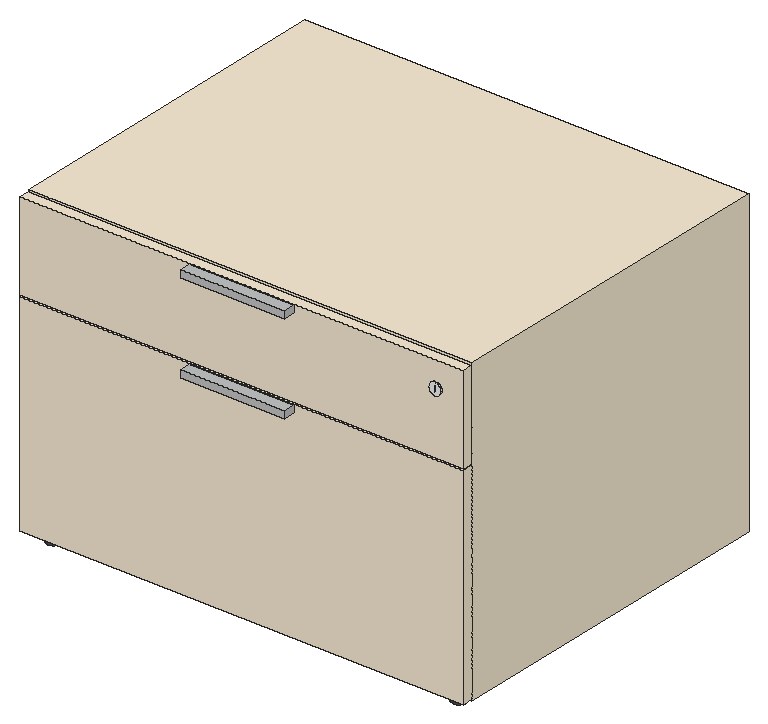
Revit family "Storage-Freestanding-Teknion-BSMPS_Mid_Height_Stretch_Pedestal-R2018", category Furniture, Revit 2018
Family settings
  OmniClass Number = 23.40.20.00
  OmniClass Title = General Furniture and Specialties
  Work Plane-Based = No
  Always vertical = Yes
  Cut with Voids When Loaded = No
  Shared = Yes
  Room Calculation Point = No
Parameters (values of type "30" Width")
  Width = 29.850"
  Warranty = "http://www.teknion.com/ca/papers/legal-canada"
  Unit Weight URL = "http://www.teknion.com/ca/tools/assets#&asset=bee6a381-b954-425e-8283-5a2de3a804f2,f828d448-4b62-4231-9e5f-9a8991c0ed77"
  URL = "www.teknion.com"
  To render please download texture images found here [instance] = "https://assets.teknion.com/web/5e81352c1dfdb467/revit-material-swatches/"
  Sustainability Data = "https://www.teknion.com/ca/tools/assets#&topic=216f99a5-57a0-44fc-b10a-9dee9b29ae4c&asset=444deb64-fe58-4b68-981e-f75e97781df7,b4ff2d81-9f2e-437d-9659-7cffb09c31cf"
  Series = "Expansion Casegoods"  # constant formula
  Product Page URL = "https://www.teknion.com/ca/products/product-details?productlineid=0053336e-8e7a-673b-a6c8-ff00004460c4"
  Product Line = "Expansion Casegoods"  # constant formula
  Product Documentation Link = "https://www.teknion.com/pricing/expansion-casegoods/pdfs/BSMPS_ppg.pdf"
  Part Number = "BSMPS"
  Model = "BSMPS_1630"
  Manufacturer Phone = "416-661-3370"  # constant formula
  Manufacturer Fax = "416.661.4586"  # constant formula
  Manufacturer Contact Information = "http://www.teknion.com/ca/contactus"
  Manufacturer Address = "1150 Flint Road, Toronto, ON. M3J 2J5. Canada"  # constant formula
  Manufacturer = "Teknion"  # constant formula
  How To Use Teknion Materials User Guide [instance] = "https://assets.teknion.com/m/205dd0a49fa58060/original/How-to-add-a-Material-Library-and-Texture-Images-to-your-Revit-project.pdf"
  Handle Finish [instance] = Paint - Teknion - Mica - Platinum
  For Additional Finishes please visit [instance] = "https://assets.teknion.com/m/44a8009b046e5d47/original/Teknion_Materials_Library.zip"
  Drawer Front Finish [instance] = Source Laminate - Teknion - XM - Maple
  Description = "Mid-Height Stretch Pedestal, 30\" Width, 21\" Height"
  Depth [instance] = 24.000"
  Case Finish [instance] = Source Laminate - Teknion - XM - Maple
  Available Depths [instance] = "20 or 24 Inches"  # constant formula
  Assembly Code = "E2020200"
Types (5): name | Width | Model | Description
  (no name) | 29.850" | "BSMPS_1630" | "Mid-Height Stretch Pedestal, 30\" Width, 21\" Height"
  16" Width | 15.500" | "BSMPS_1621" | "Mid-Height Stretch Pedestal, 16\" Width, 21\" Height"
  24" Width | 23.880" | "BSMPS_1624" | "Mid-Height Stretch Pedestal, 24\" Width, 21\" Height"
  30" Width | 29.850" | "BSMPS_1630" | "Mid-Height Stretch Pedestal, 30\" Width, 21\" Height"
  36" Width | 35.820" | "BSMPS_1636" | "Mid-Height Stretch Pedestal, 36\" Width, 21\" Height"
Reference planes (in)
  plane 1 "Center Front/Back": y = 0
  plane 2: z = 0
  plane 3 "Center Left/Right": x = 0
  plane 4 "Left": x = -14.925
  plane 5 "Right": x = 14.925
  plane 6 "Back": y = 12
  plane 7 "Front": y = -12
  plane 8 "Top": z = 21
Forms (in)
  Sweep 1, solid, material "Source Laminate - Teknion - XM - Maple" <- "Case Finish"
    path origin (0, 0, 0) x (1, 0, 0) y (0, 1, 0)
      loop
        line (-14.925, 0) -> (14.925, 0)
    profile origin (0, 0, 0) x (0, 1, 0) y (0, 0, 1)
      loop
        line (12, 21) -> (-11.29921, 21) -> (-11.29921, 0.60236) -> (12, 0.60236) -> (12, 21)
  Sweep 2, solid, material "Source Laminate - Teknion - XM - Maple" <- "Drawer Front Finish"
    path origin (0, 0, 0) x (1, 0, 0) y (0, 1, 0)
      loop
        line (-14.925, 0) -> (14.925, 0)
    profile origin (0, 0, 0) x (0, 1, 0) y (0, 0, 1)
      loop
        line (-11.29921, 20.88189) -> (-12, 20.88189) -> (-12, 14.96063) -> (-11.29921, 14.96063) -> (-11.29921, 20.88189)
      loop
        line (-11.29921, 14.84252) -> (-12, 14.84252) -> (-12, 0.72047) -> (-11.29921, 0.72047) -> (-11.29921, 14.84252)
  Sweep 3, solid, material "Paint - Teknion - Mica - Platinum" <- "Handle Finish"
    path origin (0, 0, 0) x (1, 0, 0) y (0, 1, 0)
      loop
        line (-3.5, 0) -> (3.5, 0)
    profile origin (0, 0, 0) x (0, 1, 0) y (0, 0, 1)
      loop
        line (-12.75197, 20.32283) -> (-12, 20.32283) -> (-12, 20.82283) -> (-12.75197, 20.82283) -> (-12.75197, 20.32283)
      loop
        line (-12.75197, 14.28346) -> (-12, 14.28346) -> (-12, 14.78346) -> (-12.75197, 14.78346) -> (-12.75197, 14.28346)
  Sweep 4, solid, material "Plastic - Teknion - E - Ebony"
    path origin (0, 0, 0) x (1, 0, 0) y (0, 0, 1)
      loop
        line (0, 0) -> (0, 0.60236)
    profile origin (0, 0, 0.30118) x (-1, 0, 0) y (0, -1, 0)
      loop
        circle (13.66775, -10.74174) r 0.5
      loop
        circle (13.66775, 10.74174) r 0.5
      loop
        circle (-13.66775, -10.74174) r 0.5
      loop
        circle (-13.66775, 10.74174) r 0.5
  Sweep 5, solid, material "Metal - Teknion - C6 - Chrome"
    path origin (0, 0, 0) x (1, 0, 0) y (0, 1, 0)
      loop
        line (0, -12.05906) -> (0, -12)
    profile origin (0, -12.02953, 0) x (-1, 0, 0) y (0, 0, 1)
      loop
        line (-13.02539, 19.33661) -> (-13.12382, 19.33661) -> (-13.12382, 18.9626) -> (-13.02539, 18.9626) -> (-13.02539, 19.33661)
      loop
        circle (-13.07461, 19.14961) r 0.4
Lines and regions (in)
  Masking region 1
    outline origin (0, 0, 0) x (1, 0, 0) y (0, 1, 0)
      loop
        line (-14.925, 12) -> (-14.925, -11.29921) -> (14.925, -11.29921) -> (14.925, 12) -> (-14.925, 12)
  Masking region 2
    outline origin (0, 0, 0) x (1, 0, 0) y (0, 1, 0)
      loop
        line (-14.925, -11.29921) -> (-14.925, -12) -> (14.925, -12) -> (14.925, -11.29921) -> (-14.925, -11.29921)
  Masking region 3
    outline origin (0, 0, 0) x (1, 0, 0) y (0, 1, 0)
      loop
        line (-3.5, -12.75197) -> (3.5, -12.75197) -> (3.5, -12) -> (-3.5, -12) -> (-3.5, -12.75197)
  symbolic lines, style "FurnitureHiddenLines", detail levels medium+fine
    curve 1: arc (-13.16775, -10.74174, 0) -> (-13.66775, -10.24174, 0) -> (-14.16775, -10.74174, 0) r 0.5
    curve 2: arc (-14.16775, -10.74174, 0) -> (-13.66775, -11.24174, 0) -> (-13.16775, -10.74174, 0) r 0.5
    curve 3: arc (-14.16775, 10.74174, 0) -> (-13.66775, 10.24174, 0) -> (-13.16775, 10.74174, 0) r 0.5
    curve 4: arc (-13.16775, 10.74174, 0) -> (-13.66775, 11.24174, 0) -> (-14.16775, 10.74174, 0) r 0.5
    curve 5: arc (13.16775, 10.74174, 0) -> (13.66775, 10.24174, 0) -> (14.16775, 10.74174, 0) r 0.5
    curve 6: arc (14.16775, 10.74174, 0) -> (13.66775, 11.24174, 0) -> (13.16775, 10.74174, 0) r 0.5
    curve 7: arc (14.16775, -10.74174, 0) -> (13.66775, -10.24174, 0) -> (13.16775, -10.74174, 0) r 0.5
    curve 8: arc (13.16775, -10.74174, 0) -> (13.66775, -11.24174, 0) -> (14.16775, -10.74174, 0) r 0.5
  reference lines
    curve 9: line (-17.91, 12, 0) -> (17.91, 12, 0)
    curve 10: line (-17.91, -12, 0) -> (17.91, -12, 0)
Dimensions and locks (in)
  "Width": plane 4 "Left" to plane 5 "Right"
  "Depth": plane 6 "Back" to plane 7 "Front"
  plane 8 "Top" to level = 21.000"
  equal spacing: plane 4 "Left", plane 3 "Center Left/Right", plane 5 "Right"
  equal spacing: plane 6 "Back", plane 1 "Center Front/Back", plane 7 "Front"
  locked: Sweep 1 sketch curve to level at 0.60236
  locked: Sweep 1 sketch curve to plane 7 "Front" at 0.70079
  Sweep 2 sketch curve to Sweep 2 sketch curve to Sweep 2 sketch curve to Sweep 2 sketch curve to level = 5.92126" locked, 0.11811" locked, 14.12205" locked, 0.72047" locked
  Sweep 2 sketch curve to Sweep 2 sketch curve to plane 7 "Front" = 0.000" locked, 0.70079" locked
  plane 7 "Front" to Sweep 3 sketch curve to Sweep 3 sketch curve = 0.75197" locked, 0.000" locked
  level to Sweep 3 sketch curve to Sweep 3 sketch curve to Sweep 3 sketch curve to Sweep 3 sketch curve = 14.28346" locked, 0.500" locked, 5.53937" locked, 0.500" locked
  Sweep 4 sketch curve to level to Sweep 4 sketch curve = 0.60236" locked, 0.000" locked
  plane 4 "Left" to Sweep 4 sketch curve to Sweep 4 sketch curve = 1.25725" locked, 0.000" locked
  Sweep 4 sketch curve to Sweep 4 sketch curve to plane 5 "Right" = 0.000" locked, 1.25725" locked
  plane 7 "Front" to Sweep 4 sketch curve to Sweep 4 sketch curve = 1.25826" locked, 0.000" locked
  plane 6 "Back" to Sweep 4 sketch curve to Sweep 4 sketch curve = 1.25826" locked, 0.000" locked
  locked: Sweep 5 sketch curve to plane 7 "Front" at 0.05906
  plane 8 "Top" to Sweep 5 sketch curve to Sweep 5 sketch curve to Sweep 5 sketch curve = 1.66339" locked, 0.18701" locked, 0.18701" locked
  Sweep 5 sketch curve to Sweep 5 sketch curve to Sweep 5 sketch curve to plane 5 "Right" = 0.04921" locked, 0.04921" locked, 1.80118" locked
  locked: plane 7 "Front" to Masking region 1 sketch curve at 0.70079
  locked: plane 7 "Front" to Masking region 2 sketch curve at 0.70079
  Masking region 3 sketch curve to plane 3 "Center Left/Right" to Masking region 3 sketch curve = 3.500" locked, 3.500" locked
  locked: Masking region 3 sketch curve to plane 7 "Front" at 0.75197
  aligned and locked: level to plane 2
  aligned and locked: plane 4 "Left" to Sweep 1 sketch curve
  aligned and locked: plane 5 "Right" to Sweep 1 sketch curve
  aligned and locked: plane 1 "Center Front/Back" to Sweep 1 sketch curve
  aligned and locked: Sweep 1 sketch curve to plane 6 "Back"
  aligned and locked: Sweep 1 sketch curve to plane 8 "Top"
  aligned and locked: plane 4 "Left" to Sweep 2 sketch curve
  aligned and locked: plane 5 "Right" to Sweep 2 sketch curve
  aligned and locked: plane 1 "Center Front/Back" to Sweep 2 sketch curve
  aligned and locked: Sweep 2 sketch curve to plane 7 "Front"  (x2)
  aligned and locked: plane 1 "Center Front/Back" to Sweep 3 sketch curve
  aligned and locked: plane 7 "Front" to Sweep 3 sketch curve  (x2)
  aligned and locked: plane 3 "Center Left/Right" to Sweep 4 sketch curve
  aligned and locked: plane 7 "Front" to Sweep 5 sketch curve
  aligned and locked: Sweep 5 sketch curve to plane 3 "Center Left/Right"
  aligned and locked: plane 4 "Left" to Masking region 1 sketch curve
  aligned and locked: Masking region 1 sketch curve to plane 6 "Back"
  aligned and locked: Masking region 1 sketch curve to plane 5 "Right"
  aligned and locked: Masking region 2 sketch curve to plane 4 "Left"
  aligned and locked: Masking region 2 sketch curve to plane 7 "Front"
  aligned and locked: plane 5 "Right" to Masking region 2 sketch curve
  aligned and locked: Masking region 3 sketch curve to plane 7 "Front"
  aligned and locked: curve 1 to Sweep 4
  aligned and locked: curve 2 to Sweep 4
  aligned and locked: curve 3 to Sweep 4
  aligned and locked: curve 4 to Sweep 4
  aligned and locked: curve 5 to Sweep 4
  aligned and locked: curve 6 to Sweep 4
  aligned and locked: curve 7 to Sweep 4
  aligned and locked: curve 8 to Sweep 4
  aligned and locked: curve 9 to plane 6 "Back"
  aligned and locked: curve 10 to plane 7 "Front"
Automatic sketch dimensions
  Sweep 2 sketch curve to Sweep 2 sketch curve = 0.000"
  Sweep 3 sketch curve to plane 3 "Center Left/Right" = 3.500"
  plane 3 "Center Left/Right" to Sweep 3 sketch curve = 3.500"
  curve 9 to plane 4 "Left" = 2.985"
  curve 9 to plane 5 "Right" = 2.985"
  curve 10 to plane 4 "Left" = 2.985"
  curve 10 to plane 5 "Right" = 2.985"
  radius of Sweep 4 sketch curve = 0.500"  (x4)
  radius of Sweep 5 sketch curve = 0.400"
